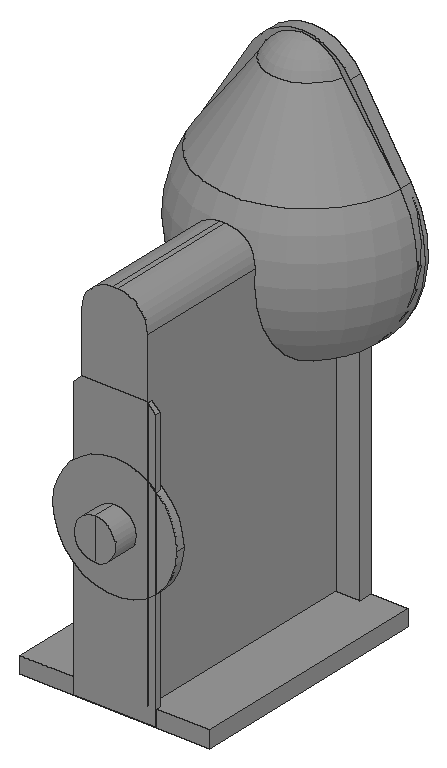
Revit family "Toilet-Willoughby-1490-ETF-FM-10-TS-FA", category Plumbing Fixtures, host Face, Revit 2014
Parameters (values of type "Standard")
  Waste DIA = 2 1/2"
  Waste Connection = yes
  W-RAD [instance] = Waste DIA / 2  # 0' - 1 1/4"
  Vent Connection = no
  URL = "www.willoughby-ind.com"
  Type Comments = ""
  Revision = "A"
  Model = "ETF-1490-FM-10-TS-FA"
  Manufacturer = "Willoughby Industries"
  HW Connection = no
  Flush inlet DIA = 1 1/2"
  Fixture Body = Stainless Steel AISI 304-Willoughby
  F-RAD [instance] = Flush inlet DIA / 2  # 0' - 0 3/4"
  Description = "Floor Mounted Toilet"
  Default Elevation = 0' - 0"
  Contact Number = "(800) 428-4065"
  CW Connection = yes
Reference planes (in)
  plane 1 "Base": y = -16.25
  plane 2: z = 0
  plane 3 "Center": x = 18.31072
  plane 4 "Waste height": y = -4.75
  plane 5: y = -1.25
  plane 6: z = -6.75
  plane 7: y = -2.125
  plane 8: y = -14.0625
  plane 9: y = 0.5
  plane 10: x = 16.56072
  plane 11: x = 20.06072
  plane 12: x = 11.56072
  plane 13: x = 25.06072
  plane 14: z = 23
  plane 15: z = 30.75
  plane 16: x = 15.81072
  plane 17: x = 20.81072
  plane 18: x = 16.31072
  plane 19: x = 20.31072
  plane 20: z = 10
  plane 21: x = 12.56072
  plane 22: x = 24.06072
  plane 23: z = 2.75
Forms (in)
  Extrusion 1, solid, material "Stainless Steel AISI 304-Willoughby" <- "Fixture Body"
    sketch origin (16.08109, 7.47968, -2.20225) x (-1, 0, 0) y (0, 0, -1)
      loop
        line (1.29775, -16.80087) -> (1.29775, -3.20225) -> (-5.72963, -3.20225) -> (-5.72963, -16.81676)
        arc (-5.72963, -16.81676) -> (-8.98136, -21.11843) -> (-8.21015, -26.45542) r 7
        line (-8.21015, -26.45542) -> (-5.16818, -31.31054)
        arc (-5.16818, -31.31054) -> (-2.20225, -32.95225) -> (0.76368, -31.31054) r 3.5
        line (0.76368, -31.31054) -> (3.80565, -26.45542)
        arc (3.80565, -26.45542) -> (4.5729, -21.10311) -> (1.29775, -16.80087) r 7
      loop
        arc (2.03989, -24.70557) -> (-2.20225, -18.23804) -> (-6.44438, -24.70557) r 4.625
        line (-6.44438, -24.70557) -> (-4.04125, -30.23842)
        arc (-4.04125, -30.23842) -> (-2.20225, -31.45225) -> (-0.36324, -30.23842) r 2
        line (-0.36324, -30.23842) -> (2.03989, -24.70557)
    from 8.72968 to 9.5
  Revolve 2, solid, material "Stainless Steel AISI 304-Willoughby" <- "Fixture Body"
    sketch origin (19.37246, -1.52032, 1.00169) x (-1, 0, 0) y (0, 0, -1)
      loop
        line (1.06174, -12.59906) -> (1.06174, -12.84906)
        arc (1.06174, -12.84906) -> (7.03046, -17.88333) -> (5.08904, -25.44643) r 7.34171
        line (5.08904, -25.44643) -> (3.31535, -27.91457)
        arc (3.31535, -27.91457) -> (2.42192, -29.02159) -> (1.06174, -29.43826) r 2.42844
        line (1.06174, -29.43826) -> (1.06174, -29.68826)
        arc (1.06174, -29.68826) -> (2.54295, -29.2403) -> (3.52767, -28.04656) r 2.67283
        line (3.52767, -28.04656) -> (7.06964, -23.19143)
        arc (7.06964, -23.19143) -> (7.15052, -16.14555) -> (1.06174, -12.59906) r 7
      axis (1.06174, -12.59906) -> (1.06174, -29.68826)
    angle from 0 to -180
  Extrusion 3, solid, material "Stainless Steel AISI 304-Willoughby" <- "Fixture Body"
    sketch origin (19.53334, -3.02032, -4.9508) x (0, 1, 0) y (0, 0, 1)
      loop
        line (-4.42257, 4.9508) -> (1.02643, 4.9508) -> (1.02643, 18.97156)
        arc (1.02643, 18.97156) -> (-2.31062, 20.32275) -> (-4.42257, 23.23845) r 6.52287
        line (-4.42257, 23.23845) -> (-4.42257, 4.9508)
    from 0.77738 to -3.22262
  Extrusion 4, solid, material "Stainless Steel AISI 304-Willoughby" <- "Fixture Body"
    sketch origin (0, -16.25, 0) x (1, 0, 0) y (0, 0, 1)
      loop
        line (24.06072, 0) -> (24.06072, 1) -> (12.56072, 1) -> (12.56072, 0) -> (24.06072, 0)
    from -15 to 0
  Extrusion 5, solid, material "Stainless Steel AISI 304-Willoughby" <- "Fixture Body"
    sketch origin (0, -16.25, 0) x (1, 0, 0) y (0, 0, 1)
      loop
        line (20.31072, 0) -> (20.31072, 21.16116)
        arc (20.31072, 21.16116) -> (19.77214, 22.46142) -> (18.47188, 23) r 1.83884
        line (18.47188, 23) -> (18.15461, 23)
        arc (18.15461, 23) -> (16.85078, 22.45994) -> (16.31072, 21.15611) r 1.84389
        line (16.31072, 21.15611) -> (16.31072, 0) -> (20.31072, 0)
    from 0 to -8.80711
  Revolve 6, solid, material "Stainless Steel AISI 304-Willoughby" <- "Fixture Body"
    sketch origin (18.31072, 0, 0) x (0, 1, 0) y (0, 0, 1)
      loop
        line (-17.75, 10) -> (-14.75, 10) -> (-14.75, 11.25) -> (-17.75, 11.25) -> (-17.75, 10)
      axis (-14.75, 10) -> (-17.75, 10)
    angle from 0 to 360
  Revolve 7, solid, material "Stainless Steel AISI 304-Willoughby" <- "Fixture Body"
    sketch origin (18.31072, 0, 0) x (0, 1, 0) y (0, 0, 1)
      loop
        line (0, 2.75) -> (0, 3.5) -> (-3, 3.5) -> (-3, 2.75) -> (0, 2.75)
      axis (0, 2.75) -> (-3, 2.75)
    angle from 0 to 360
  Extrusion 8, solid, material "Stainless Steel AISI 304-Willoughby" <- "Fixture Body"
    sketch origin (0, -16.25, 7.25) x (1, 0, 0) y (0, 0, 1)
      loop
        circle (18.31072, 2.75) r 3.75
    from 0 to -0.5
  Extrusion 9, solid, material "Stainless Steel AISI 304-Willoughby" <- "Fixture Body"
    sketch origin (0, -16.25, 0) x (1, 0, 0) y (0, 0, 1)
      loop
        line (20.31072, 0) -> (20.81072, 0) -> (20.81072, 17) -> (20.31072, 17.5) -> (16.31072, 17.5) -> (15.81072, 17) -> (15.81072, 15) -> (15.81072, 0) -> (16.31072, 0) -> (20.31072, 0)
    from 0 to -0.25
Cuts and joins
  joined: Extrusion 1, Extrusion 3, Extrusion 4, Extrusion 5
Lines and regions (in)
  symbolic lines
    curve 1: line (11.28334, -1.25, 0) -> (11.28334, -2.02032, 0)
    curve 2: line (11.28334, -1.25, 0) -> (25.28334, -1.25, 0)
    curve 3: line (25.28334, -1.25, 0) -> (25.28334, -2.02032, 0)
    curve 4: arc (25.28334, -2.02032, 0) -> (23.77055, -5.90805, 0) -> (20.31072, -8.23881, 0) r 6.98068
    curve 5: arc (20.31072, -8.23881, 0) -> (18.31072, -8.06877, 0) -> (16.31072, -8.23881, 0) r 11.84701
    curve 6: arc (16.31072, -8.23881, 0) -> (12.83981, -5.90344, 0) -> (11.28334, -2.02032, 0) r 7.10902
    curve 7: line (16.31072, -8.23881, 0) -> (16.31072, -16.25, 0)
    curve 8: line (20.31072, -8.23881, 0) -> (20.31072, -16.25, 0)
    curve 9: line (12.56072, -5.53427, 0) -> (12.56072, -16.25, 0)
    curve 10: line (12.56072, -16.25, 0) -> (24.06072, -16.25, 0)
    curve 11: line (24.06072, -16.25, 0) -> (24.06072, -5.51808, 0)
    curve 12: line (14.56072, -16.25, 0) -> (14.56072, -15.75, 0)
    curve 13: line (14.56072, -15.75, 0) -> (16.31072, -15.75, 0)
    curve 14: line (22.06072, -16.25, 0) -> (22.06072, -15.75, 0)
    curve 15: line (22.06072, -15.75, 0) -> (20.31072, -15.75, 0)
    curve 16: line (12.56072, -16.25, 0) -> (24.06072, -16.25, 0)
    curve 17: line (24.06072, -16.25, 0) -> (24.06072, -16.25, 1)
    curve 18: line (24.06072, -16.25, 1) -> (21.81072, -16.25, 1)
    curve 19: line (21.81072, -16.25, 1) -> (21.81072, -16.25, 14.61451)
    curve 20: arc (21.81072, -16.25, 14.61451) -> (25.06245, -16.25, 18.91618) -> (24.29124, -16.25, 24.25317) r 7
    curve 21: line (24.29124, -16.25, 24.25317) -> (21.24927, -16.25, 29.1083)
    curve 22: arc (21.24927, -16.25, 29.1083) -> (18.28334, -16.25, 30.75) -> (15.31741, -16.25, 29.1083) r 3.5
    curve 23: line (15.31741, -16.25, 29.1083) -> (12.35249, -16.25, 24.379)
    curve 24: arc (12.35249, -16.25, 24.379) -> (11.49002, -16.25, 18.97236) -> (14.78334, -16.25, 14.59862) r 7
    curve 25: line (14.78334, -16.25, 14.59862) -> (14.78334, -16.25, 1)
    curve 26: line (14.78334, -16.25, 1) -> (12.56072, -16.25, 1)
    curve 27: line (12.56072, -16.25, 1) -> (12.56072, -16.25, 0)
    curve 34: line (18.31072, -16.25, 0) -> (18.31072, -1.25, 0)
    curve 35: line (18.31072, -1.25, 0) -> (18.31072, -1.25, 30.75)
    curve 36: line (18.31072, -1.25, 30.75) -> (18.31072, -2.02032, 30.75)
    curve 37: arc (18.31072, -2.02032, 30.75) -> (18.31072, -3.19432, 30.11981) -> (18.31072, -3.98625, 29.04824) r 3.04127
    curve 38: line (18.31072, -3.98625, 29.04824) -> (18.31072, -7.52822, 24.19312)
    curve 39: arc (18.31072, -7.52822, 24.19312) -> (18.31072, -7.86443, 23.62362) -> (18.31072, -8.08458, 23) r 3.41535
    curve 40: line (18.31072, -8.08458, 23) -> (18.31072, -16.25, 23)
    curve 41: line (18.31072, -16.25, 23) -> (18.31072, -16.25, 0)
    curve 42: line (18.31072, -16.25, 1) -> (18.31072, -2.02032, 1)
    curve 43: line (18.31072, -2.02032, 1) -> (18.31072, -2.02032, 14.59862)
    curve 44: line (18.31072, -2.02032, 14.59862) -> (18.31072, -1.25, 14.59862)
    curve 45: arc (18.31072, -2.02032, 13.84862) -> (18.31072, -5.30792, 15.03757) -> (18.31072, -7.5496, 17.72026) r 6.7024
    curve 46: arc (18.31072, -7.5496, 17.72026) -> (18.31072, -8.03761, 19.14705) -> (18.31072, -8.22445, 20.64337) r 7.35674
    curve 47: arc (18.31072, -8.22445, 20.64337) -> (18.31072, -8.20217, 21.82451) -> (18.31072, -8.08458, 23) r 14.61735
  symbolic lines, detail levels fine
    curve 28: arc (14.78334, -16.25, 11.27282) -> (14.56072, -16.25, 10) -> (14.78334, -16.25, 8.72718) r 3.75
    curve 29: arc (21.81072, -16.25, 8.65371) -> (22.06072, -16.25, 10) -> (21.81072, -16.25, 11.34629) r 3.75
    curve 30: arc (14.0412, -16.25, 22.50332) -> (18.28334, -16.25, 16.0358) -> (22.52547, -16.25, 22.50332) r 4.625
    curve 31: line (22.52547, -16.25, 22.50332) -> (20.12234, -16.25, 28.03617)
    curve 32: arc (20.12234, -16.25, 28.03617) -> (18.28334, -16.25, 29.2424) -> (16.44433, -16.25, 28.03617) r 2.00498
    curve 33: line (16.44433, -16.25, 28.03617) -> (14.0412, -16.25, 22.50332)
Dimensions and locks (in)
  plane 1 "Base" to plane 5 = 1' - 3"
  level to plane 15 = 2' - 6 3/4"
  locked: plane 21 to plane 22 at 11.5
  plane 21 to plane 22 = 0' - 11 1/2"
  plane 13 to plane 22 = 0' - 1"
  level to plane 20 = 0' - 10"
  plane 21 to plane 3 "Center" = 0' - 5 3/4"
  level to plane 23 = 0' - 2 3/4"
  plane 18 to plane 19 = 0' - 4"
  plane 18 to plane 3 "Center" to plane 19 = 0' - 2", 0' - 2"
  aligned and locked: plane 2 to host face
  aligned and locked: level to host face
Connectors (in)
  piping at (18.31072, -17.75, 10), diameter 2.5, driven by "W-RAD", driven by "Waste Connection"
    settings: on Revolve 6, index 4, connector inside diameter 24", connector length 0' - 0", flow factor 0, pipe flow 0 GPM, pressure drop 0.00 psi, fitting loss kfactor 0, connector angle 0.00°, fixture units 0, engagement length 0' - 0", angle of deflection 0.00°, flow configuration 0, flow direction 2, fitting loss method 0, system type 16, joint type 0, gender type 0, connector reference index -1, connector utility 1, adjustable connector no, is connector primary yes, connector description "Toilet Waste"
  piping at (18.31072, 0, 2.75), diameter 1.5, driven by "F-RAD", driven by "CW Connection"
    settings: on Revolve 7, index 5, connector inside diameter 24", connector length 0' - 0", flow factor 0, pipe flow 0 GPM, pressure drop 0.00 psi, fitting loss kfactor 0, connector angle 0.00°, fixture units 0, engagement length 0' - 0", angle of deflection 0.00°, flow configuration 0, flow direction 1, fitting loss method 0, system type 20, joint type 0, gender type 0, connector reference index -1, connector utility 1, adjustable connector no, is connector primary no, connector description "Flush Inlet"
